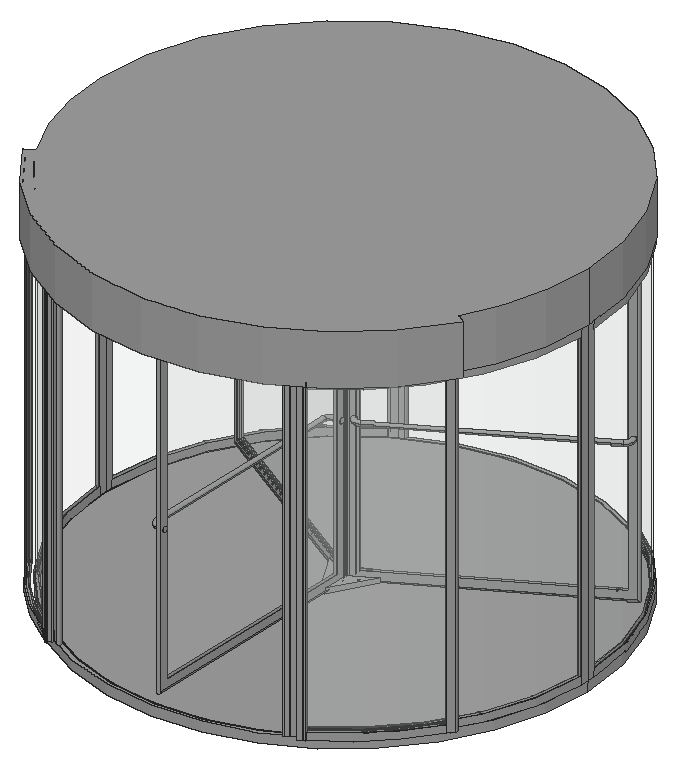
Revit family "agtatec_Record_RlvngDrsetSym_K31_Standalone", category Doors, Revit 2012
Parameters (values of type "default")
  WithinStandardSizes = and(InsideDiameter > 1999.90 mm, InsideDiameter < 4000.10 mm, PassageHeight > 1999.90 mm, PassageHeight < 3000.10 mm, and(HeightOfFloorFrame > 64.90 mm, HeightOfFloorFrame < 500.10 mm), CanopyHeight < 1000.10 mm, if(InsideDiameter < 3300.90 mm, CanopyHeight > 249.90 mm, CanopyHeight > 349.90 mm))  # yes
  Width = OutsideDiameter + 25.00 mm  # 3379.00 mm
  Weight = "Depends on configuration and size"
  WarrantyStartDate [instance] = "Depends on country"
  WarrantyGuarantorParts = "Local door manufacturer"
  WarrantyGuarantorLabour = "Local door manufacturer"
  WarrantyDurationUnit = "Depends on country"
  WarrantyDurationParts = "Depends on country"
  WarrantyDurationLabour = "Depends on country"
  WarrantyDescription = "Depends on country"
  Version = "Version 1.0"
  Uniclass2 = "Ss_25_30_20_70"
  URL = ""
  TotalHeight = PassageHeight + CanopyHeight  # 2550.00 mm
  TotalDiameter = 3360.00 mm
  ThresholdStripping = "No additional required, part of the doorset"
  ThresholdRequired = yes
  ThermalTransmittance = 0
  TagNumber [instance] = "n/a"
  SustainabilityPerformance = "n/a"
  SmokeStop = no
  Size = "n/a"
  Shape = "Cylinder shaped"
  ServiceLifeType = "n/a"
  ServiceLifeDuration = "10-15 years"
  SerialNumber [instance] = "n/a"
  SelfClosing = yes
  SecurityRating = "n/a"
  SafetyDevices = "Fully compliant with EN16005, Safety buffers, Presence sensors, etc."
  Rough Width = TotalDiameter + 6.00 mm  # 3366.00 mm
  Rough Height = PassageHeight + CanopyHeight + 6.00 mm  # 2556.00 mm
  Revision = "n/a"
  ReplacementCost = "Depends on the configuration and door type"
  ReferenceStandard = "EN16005, EN16361, DIN 18650, etc."
  Reference = "n/a"
  RecessWidth = TotalDiameter + 100.00 mm  # 3460.00 mm
  RecessHeight = TotalHeight + 50.00 mm  # 2600.00 mm
  ProductionYear = "n/a"
  ProductInformation = "www.agta-record.com"
  Process = "n/a"
  PassageWidthOptions = "n/a"
  PassageWidth = (TotalDiameter * 0.5) - 130.00 mm  # 1550.00 mm
  PassageHeight = 2200.00 mm
  PanelWidth = InnerRadius - 54.80 mm  # 1596.20 mm
  PanelHeight = PassageHeight - 37.00 mm  # 2163.00 mm
  PanelFrames = agtatec_Record_Revolving Door, Aluminium
  OutsideDiameter = TotalDiameter - 6.00 mm  # 3354.00 mm
  OuterRadius = InnerRadius + 26.00 mm  # 1677.00 mm
  Operation = "n/a"
  OperatingTemperature = "-15º to +50ºC"
  NominalWidth = TotalDiameter  # 3360.00 mm
  NominalLength = TotalDiameter  # 3360.00 mm
  NominalHeight = TotalHeight  # 2550.00 mm
  NightShuttersRadius = OuterRadius + 51.50 mm  # 1728.50 mm
  NightShuttersOpeningAngle = if(NightShuttersOpen, 30.00°, 0.00°)  # 30.00°
  NightShuttersOpen = yes
  NightShutterPanelFill = agtatec_Record_Revolving Door, Laminated Safety Glass (Clear)
  Name = "RlvngDrsetSym_K31_Standalone_Record"
  NBSTypeID = "n/a"
  NBSReference = "25-50-20/170"
  NBSOfficeMasterTag = "n/a"
  NBSNote = "n/a"
  NBSDescription = "Revolving Doorset System"
  NBSCertification = "n/a"
  ModelReference = "Depends on the configuration"
  ModelNumber = "n/a"
  ModelLabel = "n/a"
  Model = "K31"
  MethodOfMeasurement = "n/a"
  Material = "Aluminium"
  ManufacturerURL = "www.agta-record.com"
  ManufacturerName = "Record"
  Manufacturer = "info@recorduk.co.uk"
  LeafRotationAngle = 0.00°
  LeafPanelFill = agtatec_Record_Revolving Door, Laminated Safety Glass (Clear)
  LeafColourOptions = "All RAL, customer specific"
  IssueDate = "<>"
  IsExternal = yes
  InstallationDate [instance] = "n/a"
  InsideDiameter = TotalDiameter - 58.00 mm  # 3302.00 mm
  InnerRadius = InsideDiameter / 2  # 1651.00 mm
  Infiltration = "n/a"
  IfcExportType = "Door"
  IfcExportAs = "IfcDoorStyle"
  HeightUnderCanopyOptions = "Passage height: 2000 - 3000 mm"
  HeightOfFloorFrame = 65.00 mm
  Height = PassageHeight + CanopyHeight  # 2550.00 mm
  HasDrive = yes
  Handles = yes
  HandicapAccessible = no
  Grade = "n/a"
  GlazingAreaFraction = "n/a"
  GlassType = "Part of glazing spec"
  GlassThickness2 = 0.00 mm
  GlassThickness1 = 0.00 mm
  GlassLayers = 0
  Function = Exterior
  FrameSeal = yes
  FrameProfile = "Aluminium"
  FrameMaterial = "Aluminium"
  FrameFinishOptions = "n/a"
  Flooring = agtatec_Record_Revolving Door, Felt Carpet
  Floor Frame (Ring) = yes
  FireRating = "n/a"
  FireExit = no
  Finish = "Powder coated, Anodized, customer specific"
  Features = "n/a"
  ExternalDimensionOfFloorFrame = TotalDiameter + 194.00 mm  # 3554.00 mm
  ExpectedLife = "n/a"
  ElectronicLock = yes
  DurationUnit = "year"
  DrumWallPanelFill = agtatec_Record_Revolving Door, Laminated Safety Glass (Clear)
  DoorsetOptions = "<>"
  DoorsetOperation = "Automatic"
  DoorsetFasteners = "Screws"
  DoorWingOptions = "3 wings"
  DoorSeal = "1"
  DoorNumber = "n/a"
  DoorLeafsAngle = if(DoorLeafCollapse, 1.00°, 121.00°)  # 121.00°
  DoorLeafCollapse = no
  DoorIncluded = yes
  Documentation = "n/a"
  DocumentReference = "n/a"
  DiameterOptions = "Internal 2000-4000 mm"
  Description = "3-wing Revolving Door"
  DepthOfRecessFloorFrame = HeightOfFloorFrame + 15.00 mm  # 80.00 mm
  Cost = 0
  Construction Type = "Automatic Revolving Door"
  Constituents = "n/a"
  Configuration = "2, 3 or 4 leafs"
  Colour = "Customer specific"
  CodePerformance = "n/a"
  Category = "n/a"
  Capacity = "<>"
  CanopyRadius = OuterRadius + 3.00 mm  # 1680.00 mm
  CanopyHeightOptions = "250 mm +"
  CanopyHeight = 350.00 mm
  CanopyCovering = agtatec_Record_Revolving Door, Sheet metal (Painted Steel)
  BottomConstruction = agtatec_Record_Revolving Door, Stainless Steel
  BarCode [instance] = "n/a"
  BIMObjectName = "agtatec_Record_RevolvingDoorsetSystem_K31_Standalone"
  Author = "agtatec"
  AssetType = "n/a"
  AssetIdentifier [instance] = "n/a"
  Assembly Code = ""
  AntiFingerTrapRequirement = yes
  AlternativeDoorsetGlazing = "Part of glazing spec"
  AcousticRating = "n/a"
  AccessoryOptions = "Contact manufacturer"
  AccessibilityPerformance = "n/a"
Reference planes
  plane 1 "Center (Front/Back)": y = 0
  plane 2: z = 0
  plane 3 "Center (Left/Right)": x = 0
  plane 4 "Top Plane": z = 2200
  plane 5: z = 2550
  plane 6: z = 56
  plane 7: z = 2147
  plane 8: z = -65
  plane 9: z = 2239
  plane 10: z = 2196.2
  plane 11: through (0, 0, 1200) normal (0.5, -0.866, 0)
  plane 12: through (0, 0, 1200) normal (0.5, 0.866, 0)
Forms (mm)
  Extrusion 1, solid, material "agtatec_Record_Revolving Door, Aluminium" <- "PanelFrames"
    sketch origin (0, 0, 0) x (-1, 0, 0) y (0, -1, 0)
      loop
        line (1651, 0) -> (1677, 0) -> (1677, 53) -> (1674, 53) -> (1674, 33) -> (1654, 33) -> (1654, 53) -> (1651, 53) -> (1651, 0)
    from 0 to 2200
  Extrusion 2, solid, material "agtatec_Record_Revolving Door, Aluminium" <- "PanelFrames"
    sketch origin (0, 0, 0) x (-0.5, -0.866025, 0) y (0.866025, -0.5, 0)
      loop
        line (1654, 0) -> (1674, 0) -> (1674, -20) -> (1676.999, -20) -> (1676.999, 32)
        arc (1676.999, 32) -> (1664, 45) -> (1651, 32) r 13
        line (1651, 32) -> (1651, -20) -> (1654, -20) -> (1654, 0)
    from 0 to 2200
  Extrusion 3, solid, material "agtatec_Record_Revolving Door, Sheet metal (Painted Steel)" <- "CanopyCovering"
    sketch origin (0, 0, 0) x (1, 0, 0) y (0, 1, 0)
      loop
        circle (0, 0) r 1680
    from 2200 to 2550
  Sweep 4, solid, material "agtatec_Record_Revolving Door, Aluminium" <- "PanelFrames"
    path origin (0, 0, 2200) x (-1, 0, 0) y (0, -1, 0)
      loop
        arc (1676.162, 53) -> (1444.002, 852.752) -> (855.761, 1442.221) r 1677
    profile origin (-1444.002, -852.752, 2200) x (0.861063, 0.508499, 0) y (0, 0, 1)
      loop
        line (0, 0) -> (0, -50) -> (3, -50) -> (3, -30) -> (23, -30) -> (23, -50) -> (26, -50) -> (26, 0) -> (0, 0)
  Sweep 5, solid, material "agtatec_Record_Revolving Door, Aluminium" <- "PanelFrames"
    path origin (0, 0, 0) x (1, 0, 0) y (0, 1, 0)
      loop
        arc (-855.761, -1442.221) -> (-1444.002, -852.752) -> (-1676.162, -53) r 1677
    profile origin (-1444.002, -852.752, 0) x (-0.861063, -0.508499, 0) y (0, 0, 1)
      loop
        line (0, 0) -> (0, 53) -> (-3, 53) -> (-3, 33) -> (-23, 33) -> (-23, 53) -> (-26, 53) -> (-26, 0) -> (0, 0)
  Revolve 6, solid, material "agtatec_Record_Revolving Door, Stainless Steel" <- "BottomConstruction", visible <- "Floor Frame (Ring)"
    sketch origin (0, 0, 0) x (1, 0, 0) y (0, 0, 1)
      loop
        line (-1651, 0) -> (-1677, 0) -> (-1677, -65) -> (0, -65) -> (0, -23) -> (-1651, -23) -> (-1651, 0)
      axis (0, 0) -> (0, -65)
    angle from 0 to 360
  Extrusion 7, solid, material "agtatec_Record_Revolving Door, Felt Carpet" <- "Flooring"
    sketch origin (0, 0, 0) x (1, 0, 0) y (0, 1, 0)
      loop
        circle (0, 0) r 1651
    from 0 to -23
  Sweep 8, solid, material "agtatec_Record_Revolving Door, Laminated Safety Glass (Clear)" <- "DrumWallPanelFill"
    path origin (0, 0, 0) x (1, 0, 0) y (0, 1, 0)
      loop
        arc (-1650.67, -33) -> (-1421.486, -839.749) -> (-825.5, -1429.808) r 1651
    profile origin (-1421.486, -839.749, 0) x (0.860985, 0.50863, 0) y (0, 0, 1)
      loop
        line (-5, 33) -> (-5, 2170) -> (-15, 2170) -> (-15, 33) -> (-5, 33)
  Sweep 9, solid, material "agtatec_Record_Revolving Door, Sheet metal (Painted Steel)" <- "CanopyCovering"
    path origin (0, 0, 2550) x (1, 0, 0) y (0, 1, 0)
      loop
        arc (1452.325, -838.5) -> (0, -1677) -> (-1452.325, -838.5) r 1677
    profile origin (0, -1677, 2550) x (0, -1, 0) y (0, 0, 1)
      loop
        line (0, 0) -> (0, -15) -> (63, -15) -> (63, -350) -> (75, -350) -> (75, 0) -> (0, 0)
  Extrusion 10, solid, material "agtatec_Record_Revolving Door, Aluminium" <- "PanelFrames"
    sketch origin (0, 0, 0) x (-1, 0, 0) y (0, -1, 0)
      loop
        line (1651, 0) -> (1651, -53) -> (1654, -53) -> (1654, -33) -> (1674, -33) -> (1674, -53) -> (1677, -53) -> (1677, 0) -> (1651, 0)
    from 0 to 2200
  Extrusion 11, solid, material "agtatec_Record_Revolving Door, Aluminium" <- "PanelFrames"
    sketch origin (0, 0, 0) x (-0.5, 0.866025, 0) y (-0.866025, -0.5, 0)
      loop
        line (1654, 0) -> (1654, 20) -> (1651, 20) -> (1651, -43) -> (1650, -43) -> (1650, -73.002)
        arc (1650, -73.002) -> (1664, -87.001) -> (1677.999, -73.002) r 14
        line (1677.999, -73.002) -> (1677.999, -43) -> (1676.999, -43) -> (1676.999, 20) -> (1674, 20) -> (1674, 0) -> (1654, 0)
    from 0 to 2200
  Sweep 12, solid, material "agtatec_Record_Revolving Door, Aluminium" <- "PanelFrames"
    path origin (0, 0, 2200) x (-1, 0, 0) y (0, 1, 0)
      loop
        arc (1676.162, 53) -> (1444.002, 852.752) -> (855.761, 1442.221) r 1677
    profile origin (-1444.002, 852.752, 2200) x (-0.861063, 0.508499, 0) y (0, 0, 1)
      loop
        line (0, 0) -> (-26, 0) -> (-26, -50) -> (-23, -50) -> (-23, -30) -> (-3, -30) -> (-3, -50) -> (0, -50) -> (0, 0)
  Sweep 13, solid, material "agtatec_Record_Revolving Door, Aluminium" <- "PanelFrames"
    path origin (0, 0, 0) x (1, 0, 0) y (0, -1, 0)
      loop
        arc (-855.761, -1442.221) -> (-1444.002, -852.752) -> (-1676.162, -53) r 1677
    profile origin (-1444.002, 852.752, 0) x (0.861063, -0.508499, 0) y (0, 0, 1)
      loop
        line (0, 0) -> (26, 0) -> (26, 53) -> (23, 53) -> (23, 33) -> (3, 33) -> (3, 53) -> (0, 53) -> (0, 0)
  Sweep 14, solid, material "agtatec_Record_Revolving Door, Laminated Safety Glass (Clear)" <- "DrumWallPanelFill"
    path origin (0, 0, 0) x (-0.5, -0.866025, 0) y (0.866025, -0.5, 0)
      loop
        arc (-825.5, -1429.808) -> (-16.501, -1650.918) -> (796.756, -1446.022) r 1651
    profile origin (-1421.486, 839.749, 0) x (0.860985, -0.50863, 0) y (0, 0, 1)
      loop
        line (-5, 33) -> (-5, 2170) -> (-15, 2170) -> (-15, 33) -> (-5, 33)
  Extrusion 15, solid, material "agtatec_Record_Revolving Door, Aluminium" <- "PanelFrames"
    sketch origin (0, 0, 0) x (1, 0, 0) y (0, 1, 0)
      loop
        line (1651, 0) -> (1651, -53) -> (1654, -53) -> (1654, -33) -> (1674, -33) -> (1674, -53) -> (1677, -53) -> (1677, 0) -> (1651, 0)
    from 0 to 2200
  Sweep 16, solid, material "agtatec_Record_Revolving Door, Aluminium" <- "PanelFrames"
    path origin (0, 0, 2200) x (1, 0, 0) y (0, -1, 0)
      loop
        arc (1676.162, 53) -> (1444.002, 852.752) -> (855.761, 1442.221) r 1677
    profile origin (1444.002, -852.752, 2200) x (0.861063, -0.508499, 0) y (0, 0, 1)
      loop
        line (0, 0) -> (-26, 0) -> (-26, -50) -> (-23, -50) -> (-23, -30) -> (-3, -30) -> (-3, -50) -> (0, -50) -> (0, 0)
  Sweep 17, solid, material "agtatec_Record_Revolving Door, Aluminium" <- "PanelFrames"
    path origin (0, 0, 0) x (-1, 0, 0) y (0, 1, 0)
      loop
        arc (-855.761, -1442.221) -> (-1444.002, -852.752) -> (-1676.162, -53) r 1677
    profile origin (1444.002, -852.752, 0) x (-0.861063, 0.508499, 0) y (0, 0, 1)
      loop
        line (0, 0) -> (26, 0) -> (26, 53) -> (23, 53) -> (23, 33) -> (3, 33) -> (3, 53) -> (0, 53) -> (0, 0)
  Extrusion 18, solid, material "agtatec_Record_Revolving Door, Aluminium" <- "PanelFrames"
    sketch origin (0, 0, 0) x (1, 0, 0) y (0, 1, 0)
      loop
        line (1651, 0) -> (1677, 0) -> (1677, 53) -> (1674, 53) -> (1674, 33) -> (1654, 33) -> (1654, 53) -> (1651, 53) -> (1651, 0)
    from 0 to 2200
  Sweep 19, solid, material "agtatec_Record_Revolving Door, Aluminium" <- "PanelFrames"
    path origin (0, 0, 2200) x (1, 0, 0) y (0, 1, 0)
      loop
        arc (1676.162, 53) -> (1444.002, 852.752) -> (855.761, 1442.221) r 1677
    profile origin (1444.002, 852.752, 2200) x (-0.861063, -0.508499, 0) y (0, 0, 1)
      loop
        line (0, 0) -> (0, -50) -> (3, -50) -> (3, -30) -> (23, -30) -> (23, -50) -> (26, -50) -> (26, 0) -> (0, 0)
  Sweep 20, solid, material "agtatec_Record_Revolving Door, Aluminium" <- "PanelFrames"
    path origin (0, 0, 0) x (-1, 0, 0) y (0, -1, 0)
      loop
        arc (-855.761, -1442.221) -> (-1444.002, -852.752) -> (-1676.162, -53) r 1677
    profile origin (1444.002, 852.752, 0) x (0.861063, 0.508499, 0) y (0, 0, 1)
      loop
        line (0, 0) -> (0, 53) -> (-3, 53) -> (-3, 33) -> (-23, 33) -> (-23, 53) -> (-26, 53) -> (-26, 0) -> (0, 0)
  Extrusion 21, solid, material "agtatec_Record_Revolving Door, Aluminium" <- "PanelFrames"
    sketch origin (0, 0, 0) x (0.5, 0.866025, 0) y (-0.866025, 0.5, 0)
      loop
        line (1654, 0) -> (1674, 0) -> (1674, -20) -> (1676.999, -20) -> (1676.999, 32)
        arc (1676.999, 32) -> (1664, 45) -> (1651, 32) r 13
        line (1651, 32) -> (1651, -20) -> (1654, -20) -> (1654, 0)
    from 0 to 2200
  Extrusion 22, solid, material "agtatec_Record_Revolving Door, Aluminium" <- "PanelFrames"
    sketch origin (0, 0, 0) x (0.5, -0.866025, 0) y (0.866025, 0.5, 0)
      loop
        line (1654, 0) -> (1654, 20) -> (1651, 20) -> (1651, -43) -> (1650, -43) -> (1650, -73.002)
        arc (1650, -73.002) -> (1664, -87.001) -> (1677.999, -73.002) r 14
        line (1677.999, -73.002) -> (1677.999, -43) -> (1676.999, -43) -> (1676.999, 20) -> (1674, 20) -> (1674, 0) -> (1654, 0)
    from 0 to 2200
  Sweep 23, solid, material "agtatec_Record_Revolving Door, Laminated Safety Glass (Clear)" <- "DrumWallPanelFill"
    path origin (0, 0, 0) x (1, 0, 0) y (0, 1, 0)
      loop
        arc (825.5, -1429.808) -> (1421.486, -839.749) -> (1650.67, -33) r 1651
    profile origin (1421.486, -839.749, 0) x (-0.860985, 0.50863, 0) y (0, 0, 1)
      loop
        line (-5, 33) -> (-5, 2170) -> (-15, 2170) -> (-15, 33) -> (-5, 33)
  Sweep 24, solid, material "agtatec_Record_Revolving Door, Laminated Safety Glass (Clear)" <- "DrumWallPanelFill"
    path origin (0, 0, 0) x (-0.5, -0.866025, 0) y (0.866025, -0.5, 0)
      loop
        arc (-853.914, 1413.022) -> (-1437.987, 811.169) -> (-1651, 0) r 1651
    profile origin (1421.486, 839.749, 0) x (-0.860985, -0.50863, 0) y (0, 0, 1)
      loop
        line (-5, 33) -> (-5, 2170) -> (-15, 2170) -> (-15, 33) -> (-5, 33)
Cuts and joins
  joined: Extrusion 3, Sweep 9
Lines and regions (mm)
  Masking region 1
    outline origin (0, 0, 0) x (-0.5, -0.866025, 0) y (0.866025, -0.5, 0)
      loop
        line (1676.881, -20) -> (1650.883, -19.69)
        arc (1650.883, -19.69) -> (1437.863, -811.389) -> (870.275, -1403.005) r 1651
        line (870.275, -1403.005) -> (883.98, -1425.099)
        arc (883.98, -1425.099) -> (1460.506, -824.167) -> (1676.881, -20) r 1677
  Masking region 2
    outline origin (0, 0, 0) x (-1, 0, 0) y (0, -1, 0)
      loop
        line (1677, 0) -> (1677, 53) -> (1651, 53) -> (1651, 0) -> (1677, 0)
  Masking region 3
    outline origin (0, 0, 0) x (1, 0, 0) y (0, 1, 0)
      loop
        line (-855.82, -1442.324) -> (-810.787, -1468.324)
        arc (-810.787, -1468.324) -> (-793.029, -1463.566) -> (-797.787, -1445.808) r 13
        line (-797.787, -1445.808) -> (-842.821, -1419.808) -> (-855.82, -1442.324)
  Masking region 4
    outline origin (0, 0, 0) x (1, 0, 0) y (0, 1, 0)
      loop
        arc (855.761, -1442.221) -> (1444.002, -852.752) -> (1676.162, -53) r 1677
        line (1676.162, -53) -> (1650.175, -52.178)
        arc (1650.175, -52.178) -> (1421.615, -839.531) -> (842.493, -1419.861) r 1651
        line (842.493, -1419.861) -> (855.761, -1442.221)
  Masking region 5
    outline origin (0, 0, 0) x (1, 0, 0) y (0, 1, 0)
      loop
        line (801.261, -1473.824) -> (855.82, -1442.324) -> (842.821, -1419.808) -> (788.261, -1451.308) -> (787.761, -1450.442) -> (761.779, -1465.443)
        arc (761.779, -1465.443) -> (756.654, -1484.567) -> (775.778, -1489.691) r 14
        line (775.778, -1489.691) -> (801.761, -1474.69) -> (801.261, -1473.824)
  Masking region 6
    outline origin (0, 0, 0) x (1, 0, 0) y (0, 1, 0)
      loop
        line (1651, 0) -> (1651, -53) -> (1677, -53) -> (1677, 0) -> (1651, 0)
  Masking region 7
    outline origin (0, 0, 0) x (1, 0, 0) y (0, 1, 0)
      loop
        arc (-855.761, 1442.221) -> (-1444.002, 852.752) -> (-1676.162, 53) r 1677
        line (-1676.162, 53) -> (-1650.175, 52.178)
        arc (-1650.175, 52.178) -> (-1421.615, 839.531) -> (-842.493, 1419.861) r 1651
        line (-842.493, 1419.861) -> (-855.761, 1442.221)
  Masking region 8
    outline origin (0, 0, 0) x (1, 0, 0) y (0, 1, 0)
      loop
        line (-1677, 0) -> (-1651, 0) -> (-1651, 53) -> (-1677, 53) -> (-1677, 0)
  Masking region 9
    outline origin (0, 0, 0) x (1, 0, 0) y (0, 1, 0)
      loop
        line (-801.261, 1473.824) -> (-855.82, 1442.324) -> (-842.821, 1419.808) -> (-788.261, 1451.308) -> (-787.761, 1450.442) -> (-761.779, 1465.443)
        arc (-761.779, 1465.443) -> (-756.654, 1484.567) -> (-775.778, 1489.691) r 14
        line (-775.778, 1489.691) -> (-801.761, 1474.69) -> (-801.261, 1473.824)
  Masking region 10
    outline origin (0, 0, 0) x (1, 0, 0) y (0, 1, 0)
      loop
        line (855.761, 1442.221) -> (842.493, 1419.861)
        arc (842.493, 1419.861) -> (1421.615, 839.531) -> (1650.175, 52.178) r 1651
        line (1650.175, 52.178) -> (1676.162, 53)
        arc (1676.162, 53) -> (1444.002, 852.752) -> (855.761, 1442.221) r 1677
  Masking region 11
    outline origin (0, 0, 0) x (1, 0, 0) y (0, 1, 0)
      loop
        line (1677, 0) -> (1677, 53) -> (1651, 53) -> (1651, 0) -> (1677, 0)
  Masking region 12
    outline origin (0, 0, 0) x (1, 0, 0) y (0, 1, 0)
      loop
        line (855.82, 1442.324) -> (810.787, 1468.324)
        arc (810.787, 1468.324) -> (793.029, 1463.566) -> (797.787, 1445.808) r 13
        line (797.787, 1445.808) -> (842.821, 1419.808) -> (855.82, 1442.324)
  reference lines
    curve 1: circle (0, 0, 0) r 1651 normal (0, 0, 1)
    curve 2: line (0, 0, 0) -> (1651, 0, 0)
    curve 3: line (0, 0, 0) -> (-1651, 0, 0)
    curve 4: line (0, 0, 0) -> (-825.5, -1429.808, 0)
    curve 5: line (-825.5, -1429.808, 0) -> (-864.817, -1407.918, 0)
    curve 6: line (0, 0, 0) -> (-825.5, 1429.808, 0)
    curve 7: line (0, 0, 0) -> (825.5, 1429.808, 0)
    curve 8: line (0, 0, 0) -> (825.5, -1429.808, 0)
    curve 9: line (0, 0, 0) -> (0, 1740, 0)
  symbolic lines, detail levels medium+fine
    curve 10: line (-1677, -53, 0) -> (-1651, -53, 0)
    curve 11: line (-842.821, -1419.808, 0) -> (-855.82, -1442.324, 0)
    curve 14: line (855.82, -1442.324, 0) -> (842.821, -1419.808, 0)
    curve 15: line (1651, -53, 0) -> (1677, -53, 0)
    curve 18: line (1677, 53, 0) -> (1651, 53, 0)
    curve 19: line (842.821, 1419.808, 0) -> (855.82, 1442.324, 0)
    curve 22: line (-1651, 53, 0) -> (-1677, 53, 0)
    curve 23: line (-855.82, 1442.324, 0) -> (-842.821, 1419.808, 0)
  symbolic lines, detail levels fine
    curve 12: arc (-1655.152, -53, 0) -> (-1425.815, -842.252, 0) -> (-845.26, -1424.033, 0) r 1656
    curve 13: arc (-1665.157, -53, 0) -> (-1434.476, -847.252, 0) -> (-850.26, -1432.694, 0) r 1666
    curve 16: arc (845.26, -1424.033, 0) -> (1425.815, -842.252, 0) -> (1655.152, -53, 0) r 1656
    curve 17: arc (850.26, -1432.694, 0) -> (1434.476, -847.252, 0) -> (1665.157, -53, 0) r 1666
    curve 20: arc (1655.152, 53, 0) -> (1425.815, 842.252, 0) -> (845.26, 1424.033, 0) r 1656
    curve 21: arc (1665.157, 53, 0) -> (1434.476, 847.252, 0) -> (850.26, 1432.694, 0) r 1666
    curve 24: arc (-845.26, 1424.033, 0) -> (-1425.815, 842.252, 0) -> (-1655.152, 53, 0) r 1656
    curve 25: arc (-850.26, 1432.694, 0) -> (-1434.476, 847.252, 0) -> (-1665.157, 53, 0) r 1666
Dimensions and locks
  "PassageHeight": plane 4 "Top Plane" to plane 2
  "CanopyHeight": plane 5 to plane 4 "Top Plane"
  locked: plane 4 "Top Plane" to plane 7 at 53
  locked: plane 6 to level at 56
  "OuterRadius": plane 3 "Center (Left/Right)" to Revolve 6 sketch curve
  "InnerRadius": Revolve 6 sketch curve to plane 3 "Center (Left/Right)"
  "HeightOfFloorFrame": level to plane 8
  plane 9 to plane 4 "Top Plane" to plane 10 = 39.00 mm locked, 3.80 mm locked
  Extrusion 1 sketch curve to Extrusion 1 sketch curve = 53.00 mm
  locked: Sweep 9 sketch curve to Sweep 9 sketch curve at 75
  Extrusion 10 sketch curve to Extrusion 10 sketch curve = 53.00 mm
  Extrusion 15 sketch curve to Extrusion 15 sketch curve = 53.00 mm
  Extrusion 18 sketch curve to Extrusion 18 sketch curve = 53.00 mm
  locked: Sweep 9 sketch curve to Sweep 9 sketch curve at 12
  locked: Sweep 9 sketch curve to Sweep 9 sketch curve at 15
  "CanopyRadius": radius of Extrusion 3 sketch curve
  "OuterRadius": radius of Sweep 4 sketch curve
  "OuterRadius": radius of Sweep 5 sketch curve
  "InnerRadius": radius of Extrusion 7 sketch curve
  "OuterRadius": radius of Sweep 12 sketch curve
  "OuterRadius": radius of Sweep 13 sketch curve
  "InnerRadius": radius of curve 1
  "OuterRadius": radius of Sweep 16 sketch curve
  "OuterRadius": radius of Sweep 17 sketch curve
  "OuterRadius": radius of Sweep 19 sketch curve
  "OuterRadius": radius of Sweep 20 sketch curve
  angle plane 11 to plane 3 "Center (Left/Right)" = 60.00°
  angle plane 3 "Center (Left/Right)" to plane 12 = 60.00°
  equal spacing: plane 11, plane 3 "Center (Left/Right)", plane 12
  angle plane 1 "Center (Front/Back)" to curve 4 = 60.00°
  angle curve 6 to plane 1 "Center (Front/Back)" = 60.00°
  angle plane 1 "Center (Front/Back)" to curve 7 = 60.00°
  angle curve 8 to plane 1 "Center (Front/Back)" = 60.00°
  "NightShuttersOpeningAngle": angle nested 1 to curve 9
  "NightShuttersOpeningAngle": angle curve 9 to nested 2
  "LeafRotationAngle": angle plane 3 "Center (Left/Right)" to nested 3
  aligned and locked: level to plane 2
  aligned and locked: plane 4 "Top Plane" to Extrusion 2
  aligned and locked: plane 4 "Top Plane" to Extrusion 1
  aligned and locked: plane 5 to Extrusion 3
  aligned and locked: Extrusion 3 to plane 4 "Top Plane"
  aligned and locked: Extrusion 1 to Sweep 4 sketch curve
  aligned and locked: Revolve 6 sketch curve to plane 3 "Center (Left/Right)"
  aligned and locked: Revolve 6 to plane 8
  aligned and locked: Sweep 8 sketch curve to Extrusion 7
  aligned and locked: curve 4 to Sweep 8 sketch curve
  aligned and locked: plane 11 to Sweep 9 sketch curve
  aligned and locked: plane 12 to Sweep 9 sketch curve
  aligned and locked: Sweep 9 sketch curve to Revolve 6
  aligned and locked: Extrusion 1 to Sweep 8 sketch curve
  aligned and locked: Extrusion 1 to Sweep 5 sketch curve
  aligned and locked: Extrusion 2 to Sweep 5 sketch curve
  aligned and locked: Extrusion 2 to Sweep 4 sketch curve
  aligned and locked: Sweep 8 sketch curve to Sweep 4
  aligned and locked: Sweep 8 sketch curve to Sweep 5
  aligned and locked: Sweep 12 sketch curve to Extrusion 10
  aligned and locked: Sweep 13 sketch curve to Extrusion 10
  aligned and locked: Sweep 13 sketch curve to Extrusion 11
  aligned and locked: Sweep 12 sketch curve to Extrusion 11
  aligned and locked: Sweep 13 to Sweep 14 sketch curve
  aligned and locked: Sweep 12 to Sweep 14 sketch curve
  aligned and locked: Sweep 14 sketch curve to Extrusion 10
  aligned and locked: Extrusion 11 to Sweep 14 sketch curve
  aligned and locked: Sweep 14 sketch curve to Extrusion 7
  aligned and locked: Sweep 16 sketch curve to Extrusion 15
  aligned and locked: Sweep 17 sketch curve to Extrusion 15
  aligned and locked: Extrusion 18 to Sweep 19 sketch curve
  aligned and locked: Extrusion 18 to Sweep 20 sketch curve
  aligned and locked: Sweep 23 sketch curve to Extrusion 7
  aligned and locked: Extrusion 22 to Sweep 23 sketch curve
  aligned and locked: Sweep 23 sketch curve to Extrusion 15
  aligned and locked: Sweep 16 to Sweep 23 sketch curve
  aligned and locked: Sweep 17 to Sweep 23 sketch curve
  aligned and locked: Sweep 24 sketch curve to Extrusion 7
  aligned and locked: Extrusion 18 to Sweep 24 sketch curve
  aligned and locked: Sweep 24 sketch curve to Extrusion 21
  aligned and locked: Sweep 24 sketch curve to Sweep 19
  aligned and locked: Sweep 24 sketch curve to Sweep 20
  aligned and locked: Extrusion 21 to Sweep 20 sketch curve
  aligned and locked: Extrusion 22 to Sweep 17 sketch curve
  aligned and locked: Extrusion 22 to Sweep 16 sketch curve
  aligned and locked: Extrusion 21 to Sweep 19 sketch curve
  aligned and locked: Sweep 9 sketch curve to profile plane
  aligned and locked: profile plane to Sweep 9 sketch curve
  aligned and locked: Extrusion 3 to Sweep 9 sketch curve
  aligned and locked: plane 4 "Top Plane" to Extrusion 22
  aligned and locked: plane 4 "Top Plane" to Extrusion 11
  aligned and locked: plane 4 "Top Plane" to Extrusion 21
  aligned and locked: plane 4 "Top Plane" to Extrusion 10
  aligned and locked: plane 4 "Top Plane" to Extrusion 18
  aligned and locked: plane 4 "Top Plane" to Extrusion 15
  aligned and locked: Masking region 2 sketch curve to Extrusion 1
  aligned and locked: Extrusion 1 to Masking region 2 sketch curve
  aligned and locked: Sweep 5 to Masking region 1 sketch curve
  aligned and locked: curve 10 to Masking region 2
  aligned and locked: Extrusion 1 to curve 10
  aligned and locked: curve 10 to Extrusion 1  (x2)
  aligned and locked: Masking region 3 sketch curve to Extrusion 2  (x4)
  aligned and locked: Extrusion 2 to Masking region 3 sketch curve
  aligned and locked: Extrusion 2 to curve 11
  aligned and locked: curve 11 to Extrusion 2  (x2)
  aligned and locked: curve 12 to Sweep 8
  aligned and locked: curve 13 to Sweep 8
  aligned and locked: Masking region 4 sketch curve to Sweep 17  (x4)
  aligned and locked: Masking region 5 sketch curve to Extrusion 22  (x7)
  aligned and locked: Masking region 6 sketch curve to Extrusion 15  (x3)
  aligned and locked: Masking region 6 sketch curve to Extrusion 18
  aligned and locked: Masking region 7 sketch curve to Sweep 13  (x4)
  aligned and locked: Masking region 8 sketch curve to Extrusion 10  (x4)
  aligned and locked: Masking region 9 sketch curve to Extrusion 11  (x7)
  aligned and locked: curve 13 to Extrusion 2
  aligned and locked: curve 12 to Extrusion 2
  aligned and locked: Masking region 10 sketch curve to Sweep 20  (x4)
  aligned and locked: Masking region 11 sketch curve to Extrusion 18  (x4)
  aligned and locked: Masking region 12 sketch curve to Extrusion 21  (x2)
  aligned and locked: curve 14 to Masking region 5
  aligned and locked: curve 14 to Extrusion 22  (x2)
  aligned and locked: Extrusion 22 to curve 14
  aligned and locked: Masking region 6 to curve 15
  aligned and locked: curve 15 to Extrusion 15  (x2)
  aligned and locked: Extrusion 15 to curve 15
  aligned and locked: curve 16 to Sweep 23
  aligned and locked: curve 17 to Sweep 23
  aligned and locked: curve 15 to curve 17
  aligned and locked: curve 15 to curve 16
  aligned and locked: curve 18 to Extrusion 18  (x2)
  aligned and locked: curve 19 to Extrusion 21  (x3)
  aligned and locked: Extrusion 21 to curve 19
  aligned and locked: curve 20 to Sweep 24
  aligned and locked: curve 21 to Sweep 24
  aligned and locked: Masking region 11 to Extrusion 18
  aligned and locked: curve 18 to curve 20
  aligned and locked: curve 18 to curve 21
  aligned and locked: curve 22 to Extrusion 10  (x2)
  aligned and locked: Extrusion 10 to curve 22
  aligned and locked: curve 23 to Extrusion 11  (x2)
  aligned and locked: Extrusion 11 to curve 23
  aligned and locked: Masking region 9 to Extrusion 11
  aligned and locked: curve 24 to Sweep 14
  aligned and locked: curve 25 to Sweep 14
  aligned and locked: curve 22 to curve 25
  aligned and locked: curve 22 to curve 24
  aligned and locked: curve 23 to curve 25
  aligned and locked: curve 23 to curve 24
  aligned and locked: Masking region 1 sketch curve to Sweep 5  (x3)
  aligned and locked: Extrusion 18 to curve 18
  aligned and locked: Masking region 2 to curve 12
  aligned and locked: Masking region 2 to curve 13
Automatic sketch dimensions
  plane 1 "Center (Front/Back)" to curve 3 = 0.00 mm
  curve 2 to plane 3 "Center (Left/Right)" = 0.00 mm
  plane 1 "Center (Front/Back)" to curve 1 = 0.00 mm
  curve 1 to plane 3 "Center (Left/Right)" = 0.00 mm
  Extrusion 1 sketch curve to curve 3 = 0.00 mm  (x2)
  curve 3 to Extrusion 1 sketch curve = 53.00 mm
  curve 3 to Extrusion 1 sketch curve = 3.00 mm
  Extrusion 1 sketch curve to Extrusion 1 sketch curve = 20.00 mm  (x2)
  curve 3 to Extrusion 1 sketch curve = 26.00 mm
  Extrusion 2 sketch curve to curve 4 = 0.00 mm  (x2)
  Extrusion 2 sketch curve to curve 4 = 20.00 mm
  curve 4 to Extrusion 2 sketch curve = 32.00 mm  (x2)
  curve 4 to Extrusion 2 sketch curve = 3.00 mm
  curve 4 to Extrusion 2 sketch curve = 13.00 mm
  Extrusion 2 sketch curve to Extrusion 2 sketch curve = 20.00 mm
  curve 4 to Extrusion 2 sketch curve = 20.00 mm
  plane 1 "Center (Front/Back)" to Extrusion 3 sketch curve = 0.00 mm
  Extrusion 3 sketch curve to plane 3 "Center (Left/Right)" = 0.00 mm
  plane 1 "Center (Front/Back)" to Sweep 4 sketch curve = 0.00 mm
  Sweep 4 sketch curve to plane 3 "Center (Left/Right)" = 0.00 mm
  Sweep 4 sketch curve to plane 4 "Top Plane" = 0.00 mm
  Sweep 4 sketch curve to profile plane = 0.00 mm
  Sweep 4 sketch curve to profile plane = 3.00 mm
  Sweep 4 sketch curve to Sweep 4 sketch curve = 20.00 mm  (x3)
  Sweep 4 sketch curve to Sweep 4 sketch curve = 3.00 mm
  Sweep 4 sketch curve to plane 4 "Top Plane" = 30.00 mm
  plane 1 "Center (Front/Back)" to Sweep 5 sketch curve = 0.00 mm
  Sweep 5 sketch curve to plane 3 "Center (Left/Right)" = 0.00 mm
  level to Sweep 5 sketch curve = 0.00 mm
  Sweep 5 sketch curve to profile plane = 0.00 mm
  profile plane to Sweep 5 sketch curve = 3.00 mm
  Sweep 5 sketch curve to Sweep 5 sketch curve = 20.00 mm  (x3)
  Sweep 5 sketch curve to Sweep 5 sketch curve = 3.00 mm
  level to Sweep 5 sketch curve = 33.00 mm
  Revolve 6 sketch curve to plane 3 "Center (Left/Right)" = 0.00 mm
  Revolve 6 sketch curve to plane 8 = 0.00 mm
  Revolve 6 sketch curve to level = 0.00 mm
  Revolve 6 sketch curve to plane 8 = 175.00 mm
  Revolve 6 sketch curve to Revolve 6 sketch curve = 23.00 mm
  Revolve 6 sketch curve to Revolve 6 sketch curve = 3.00 mm
  plane 1 "Center (Front/Back)" to Extrusion 7 sketch curve = 0.00 mm
  Extrusion 7 sketch curve to plane 3 "Center (Left/Right)" = 0.00 mm
  curve 9 to curve 4 = 0.00 mm  (x2)
  curve 5 to curve 4 = 0.00 mm  (x2)
  curve 9 to curve 4 = 1506.884 mm
  curve 4 to curve 5 = 0.701 mm
  curve 5 to curve 4 = 44.995 mm
  curve 4 to curve 9 = 870.00 mm
  profile plane to Sweep 8 sketch curve = 15.00 mm
  profile plane to Sweep 8 sketch curve = 5.00 mm
  Extrusion 10 sketch curve to curve 3 = 0.00 mm  (x2)
  Extrusion 10 sketch curve to curve 3 = 53.00 mm
  curve 3 to Extrusion 10 sketch curve = 3.00 mm
  Extrusion 10 sketch curve to Extrusion 10 sketch curve = 20.00 mm
  curve 3 to Extrusion 10 sketch curve = 26.00 mm
  Extrusion 10 sketch curve to curve 3 = 33.00 mm
  Extrusion 11 sketch curve to curve 6 = 0.00 mm  (x2)
  Extrusion 11 sketch curve to curve 6 = 43.00 mm  (x2)
  curve 6 to Extrusion 11 sketch curve = 20.00 mm
  Extrusion 11 sketch curve to curve 6 = 1.00 mm
  curve 6 to Extrusion 11 sketch curve = 3.00 mm
  curve 6 to Extrusion 11 sketch curve = 13.00 mm
  Extrusion 11 sketch curve to Extrusion 11 sketch curve = 20.00 mm  (x2)
  Extrusion 11 sketch curve to Extrusion 11 sketch curve = 3.00 mm
  Extrusion 11 sketch curve to curve 6 = 73.002 mm
  plane 1 "Center (Front/Back)" to Sweep 12 sketch curve = 0.00 mm
  Sweep 12 sketch curve to plane 3 "Center (Left/Right)" = 0.00 mm
  plane 4 "Top Plane" to Sweep 12 sketch curve = 0.00 mm
  Sweep 12 sketch curve to profile plane = 0.00 mm
  Sweep 12 sketch curve to Sweep 12 sketch curve = 3.00 mm  (x2)
  Sweep 12 sketch curve to Sweep 12 sketch curve = 20.00 mm  (x3)
  Sweep 12 sketch curve to plane 4 "Top Plane" = 30.00 mm
  plane 1 "Center (Front/Back)" to Sweep 13 sketch curve = 0.00 mm
  Sweep 13 sketch curve to plane 3 "Center (Left/Right)" = 0.00 mm
  Sweep 13 sketch curve to level = 0.00 mm
  Sweep 13 sketch curve to profile plane = 0.00 mm
  Sweep 13 sketch curve to Sweep 13 sketch curve = 3.00 mm
  Sweep 13 sketch curve to Sweep 13 sketch curve = 20.00 mm  (x3)
  Sweep 13 sketch curve to Sweep 13 sketch curve = 26.00 mm
  level to Sweep 13 sketch curve = 33.00 mm
  profile plane to Sweep 14 sketch curve = 15.00 mm
  profile plane to Sweep 14 sketch curve = 5.00 mm
  curve 2 to Extrusion 15 sketch curve = 0.00 mm
  Extrusion 15 sketch curve to curve 2 = 0.00 mm
  Extrusion 15 sketch curve to curve 2 = 53.00 mm
  curve 2 to Extrusion 15 sketch curve = 3.00 mm
  Extrusion 15 sketch curve to Extrusion 15 sketch curve = 20.00 mm
  curve 2 to Extrusion 15 sketch curve = 26.00 mm
  Extrusion 15 sketch curve to curve 2 = 33.00 mm
  plane 1 "Center (Front/Back)" to Sweep 16 sketch curve = 0.00 mm
  Sweep 16 sketch curve to plane 3 "Center (Left/Right)" = 0.00 mm
  Sweep 16 sketch curve to plane 4 "Top Plane" = 0.00 mm
  Sweep 16 sketch curve to profile plane = 0.00 mm
  profile plane to Sweep 16 sketch curve = 3.00 mm
  Sweep 16 sketch curve to Sweep 16 sketch curve = 20.00 mm  (x3)
  Sweep 16 sketch curve to Sweep 16 sketch curve = 3.00 mm
  Sweep 16 sketch curve to plane 4 "Top Plane" = 30.00 mm
  plane 1 "Center (Front/Back)" to Sweep 17 sketch curve = 0.00 mm
  Sweep 17 sketch curve to plane 3 "Center (Left/Right)" = 0.00 mm
  level to Sweep 17 sketch curve = 0.00 mm
  Sweep 17 sketch curve to profile plane = 0.00 mm
  Sweep 17 sketch curve to Sweep 17 sketch curve = 3.00 mm
  Sweep 17 sketch curve to Sweep 17 sketch curve = 20.00 mm  (x3)
  Sweep 17 sketch curve to Sweep 17 sketch curve = 26.00 mm
  level to Sweep 17 sketch curve = 33.00 mm
  curve 2 to Extrusion 18 sketch curve = 0.00 mm
  Extrusion 18 sketch curve to curve 2 = 0.00 mm
  curve 2 to Extrusion 18 sketch curve = 53.00 mm
  curve 2 to Extrusion 18 sketch curve = 3.00 mm
  Extrusion 18 sketch curve to Extrusion 18 sketch curve = 20.00 mm  (x2)
  curve 2 to Extrusion 18 sketch curve = 26.00 mm
  plane 1 "Center (Front/Back)" to Sweep 19 sketch curve = 0.00 mm
  Sweep 19 sketch curve to plane 3 "Center (Left/Right)" = 0.00 mm
  plane 4 "Top Plane" to Sweep 19 sketch curve = 0.00 mm
  Sweep 19 sketch curve to profile plane = 0.00 mm
  Sweep 19 sketch curve to profile plane = 3.00 mm
  Sweep 19 sketch curve to Sweep 19 sketch curve = 20.00 mm  (x3)
  Sweep 19 sketch curve to Sweep 19 sketch curve = 3.00 mm
  Sweep 19 sketch curve to plane 4 "Top Plane" = 30.00 mm
  plane 1 "Center (Front/Back)" to Sweep 20 sketch curve = 0.00 mm
  Sweep 20 sketch curve to plane 3 "Center (Left/Right)" = 0.00 mm
  Sweep 20 sketch curve to level = 0.00 mm
  Sweep 20 sketch curve to profile plane = 0.00 mm
  profile plane to Sweep 20 sketch curve = 3.00 mm
  Sweep 20 sketch curve to Sweep 20 sketch curve = 20.00 mm  (x3)
  Sweep 20 sketch curve to Sweep 20 sketch curve = 3.00 mm
  level to Sweep 20 sketch curve = 33.00 mm
  curve 7 to Extrusion 21 sketch curve = 0.00 mm  (x2)
  Extrusion 21 sketch curve to curve 7 = 20.00 mm
  curve 7 to Extrusion 21 sketch curve = 32.00 mm
  Extrusion 21 sketch curve to Extrusion 21 sketch curve = 3.00 mm
  Extrusion 21 sketch curve to Extrusion 21 sketch curve = 13.00 mm
  Extrusion 21 sketch curve to Extrusion 21 sketch curve = 20.00 mm  (x2)
  curve 8 to Extrusion 22 sketch curve = 0.00 mm  (x2)
  Extrusion 22 sketch curve to curve 8 = 43.00 mm
  curve 8 to Extrusion 22 sketch curve = 20.00 mm
  Extrusion 22 sketch curve to curve 8 = 1.00 mm
  curve 8 to Extrusion 22 sketch curve = 3.00 mm
  curve 8 to Extrusion 22 sketch curve = 13.00 mm
  Extrusion 22 sketch curve to Extrusion 22 sketch curve = 20.00 mm
  Extrusion 22 sketch curve to Extrusion 22 sketch curve = 3.00 mm
  Extrusion 22 sketch curve to Extrusion 22 sketch curve = 0.00 mm
  Extrusion 22 sketch curve to curve 8 = 73.002 mm
  Extrusion 22 sketch curve to curve 8 = 20.00 mm
  profile plane to Sweep 23 sketch curve = 15.00 mm
  profile plane to Sweep 23 sketch curve = 5.00 mm
  profile plane to Sweep 24 sketch curve = 15.00 mm
  profile plane to Sweep 24 sketch curve = 5.00 mm
  Masking region 2 sketch curve to curve 3 = 0.00 mm
  curve 3 to Masking region 2 sketch curve = 53.00 mm
  Masking region 3 sketch curve to Masking region 3 sketch curve = 6.50 mm
  Masking region 5 sketch curve to Masking region 5 sketch curve = 7.00 mm  (x2)
  Masking region 9 sketch curve to Masking region 9 sketch curve = 13.00 mm
  Masking region 9 sketch curve to Masking region 9 sketch curve = 7.00 mm  (x2)
  curve 22 to curve 3 = 0.00 mm
  curve 22 to curve 3 = 53.00 mm
  curve 3 to curve 22 = 26.00 mm
  Masking region 12 sketch curve to Masking region 12 sketch curve = 6.50 mm  (x2)
  curve 23 to curve 6 = 0.00 mm
  curve 6 to curve 23 = 20.00 mm
  curve 6 to curve 23 = 25.999 mm
  curve 18 to curve 2 = 0.00 mm
  curve 2 to curve 18 = 53.00 mm
  curve 2 to curve 18 = 26.00 mm
Nested families
  nested 1: "Night Shutter Left" at (0, 0, 0) x (0.866, -0.5, 0) z (0, 0, 1), type "Night Shutter Left"
    with Width 3379.00 mm, Rough Width 3366.00 mm, Rough Height 2550.00 mm, Passage Width 1550.00 mm, Outer Radius 1677.00 mm, Night Shutters Radius 1728.50 mm, Inner Radius 1651.00 mm, Height 2575.00 mm, Canopy Radius 1680.00 mm, Canopy Height 350.00 mm
  nested 2: "Night Shutter Right" at (0, 0, 0) x (-0.866, -0.5, 0) z (0, 0, 1), type "Night Shutter Right"
    with Width 3379.00 mm, Rough Width 3366.00 mm, Rough Height 2550.00 mm, Passage Width 1550.00 mm, Outer Radius 1677.00 mm, Night Shutters Radius 1728.50 mm, Inner Radius 1651.00 mm, Height 2575.00 mm, Canopy Radius 1680.00 mm, Canopy Height 350.00 mm
  nested 3: "Revolving panels" at (0, 0, 0) x (-1, 0, 0) z (0, 0, 1), type "Revolving panels"
    with Panel Width 1596.20 mm
Definition of nested family "Night Shutter Left"
  Parameters (values of type "Night Shutter Left")
    Width = 2619.00 mm
    URL = ""
    Rough Width = 2600.00 mm
    Rough Height = Passage Height + Canopy Height  # 2450.00 mm
    Rotation Angle = 0.00°
    Passage Width = 1170.00 mm
    Passage Height = 2200.00 mm
    Panel Frames = agtatec_Record_Revolving Door, Aluminium
    Outer Radius = Inner Radius + 26.00 mm  # 1448.50 mm
    Operation = ""
    Night Shutters Radius = Outer Radius + 51.50 mm  # 1500.00 mm
    Night Shutter Panel Fill = agtatec_Record_Revolving Door, Laminated Safety Glass (Clear)
    Model = ""
    Manufacturer = ""
    Inner Radius = 1422.50 mm
    Height of Floor Frame = 65.00 mm
    Height = Passage Height + Canopy Height + 25.00 mm  # 2475.00 mm
    Function = 1
    Description = ""
    Cost = 0
    Construction Type = "Automatic Revolving Door"
    Canopy Radius = Outer Radius + 3.00 mm  # 1451.50 mm
    Canopy Height = 250.00 mm
    Assembly Code = ""
  Reference planes
    plane 1 "Center (Front/Back)": y = 0
    plane 2: z = 0
    plane 3 "Center (Left/Right)": x = 0
    plane 4 "Top Plane": z = 2200
    plane 5: z = 2450
    plane 6: z = 10
    plane 7: z = 2256
    plane 8: z = -65
  Forms (mm)
    Extrusion 1, solid, material "agtatec_Record_Revolving Door, Aluminium" <- "Panel Frames", not visible
      sketch origin (16.004, 20.491, 0) x (-0.615546, -0.788101, 0) y (0.788101, -0.615546, 0)
        loop
          line (2568, 1) -> (2568, 53) -> (2565, 53) -> (2565, 33) -> (2545, 33) -> (2545, 53) -> (2542, 53) -> (2542, 1)
          arc (2542, 1) -> (2555, -12) -> (2568, 1) r 13
      from 10 to 2256
    Extrusion 2, solid, material "agtatec_Record_Revolving Door, Aluminium" <- "Panel Frames", not visible
      sketch origin (3.241, 25.797, 0) x (-0.12465, -0.992201, 0) y (0.992201, -0.12465, 0)
        loop
          line (2545, 0) -> (2565, 0) -> (2565, -20) -> (2567.999, -20) -> (2567.999, 33) -> (2571.999, 33) -> (2571.999, 53) -> (2568.999, 53) -> (2568.999, 36) -> (2541, 36) -> (2541, 53) -> (2538, 53) -> (2538, 33) -> (2542, 33) -> (2542, -20) -> (2545, -20) -> (2545, 0)
      from 10 to 2256
    Sweep 3, solid, material "agtatec_Record_Revolving Door, Aluminium" <- "Panel Frames", not visible
      path origin (0, 0, 0) x (0.920505, 0.390731, 0) y (-0.390731, 0.920505, 0)
        loop
          arc (-1294.416, -2187.75) -> (-1803.858, -1791.05) -> (-2196.918, -1278.794) r 2542
      profile origin (-960.642, -2353.494, 0) x (-0.377908, -0.925843, 0) y (0, 0, 1)
        loop
          line (0, 10) -> (0, 63) -> (-3, 63) -> (-3, 43) -> (-23, 43) -> (-23, 63) -> (-26, 63) -> (-26, 10) -> (0, 10)
    Sweep 4, solid, material "agtatec_Record_Revolving Door, Laminated Safety Glass (Clear)", not visible
      path origin (0, 0, 0) x (0.920505, 0.390731, 0) y (-0.390731, 0.920505, 0)
        loop
          arc (-2206.913, -1261.467) -> (-1803.859, -1791.049) -> (-1277.163, -2197.867) r 2542
      profile origin (-960.643, -2353.493, 0) x (0.377908, 0.925843, 0) y (0, 0, 1)
        loop
          line (21, 43) -> (21, 2226) -> (11, 2226) -> (11, 43) -> (21, 43)
    Extrusion 5, solid, material "agtatec_Record_Revolving Door, Aluminium" <- "Panel Frames"
      sketch origin (0, 0, 0) x (0, -1, 0) y (1, 0, 0)
        loop
          line (1500, 0) -> (1504, 0) -> (1504, 20) -> (1501, 20) -> (1501, 3) -> (1473, 3) -> (1473, 20) -> (1470, 20) -> (1470, 0) -> (1474, 0) -> (1474, -53) -> (1477, -53) -> (1477, -33) -> (1497, -33) -> (1497, -53) -> (1500, -53) -> (1500, 0)
      from 10 to 2256
    Extrusion 6, solid, material "agtatec_Record_Revolving Door, Aluminium" <- "Panel Frames"
      sketch origin (0, 0, 0) x (-0.48481, -0.87462, 0) y (0.87462, -0.48481, 0)
        loop
          line (1500, 1) -> (1500, 53) -> (1497, 53) -> (1497, 33) -> (1477, 33) -> (1477, 53) -> (1474, 53) -> (1474, 1)
          arc (1474, 1) -> (1487, -12) -> (1500, 1) r 13
      from 10 to 2256
    Sweep 7, solid, material "agtatec_Record_Revolving Door, Aluminium" <- "Panel Frames"
      path origin (0, 0, 0) x (1, 0, 0) y (0, 1, 0)
        loop
          arc (-53, -1499.063) -> (-375.57, -1452.221) -> (-680.406, -1336.805) r 1500
      profile origin (-375.57, -1452.221, 0) x (-0.25038, -0.968148, 0) y (0, 0, 1)
        loop
          line (0, 10) -> (0, 63) -> (-3, 63) -> (-3, 43) -> (-23, 43) -> (-23, 63) -> (-26, 63) -> (-26, 10) -> (0, 10)
    Sweep 8, solid, material "agtatec_Record_Revolving Door, Aluminium" <- "Panel Frames"
      path origin (-2636.748, -4572, 2256) x (-1, 0, 0) y (0, -1, 0)
        loop
          arc (-2583.748, -3072.937) -> (-2261.178, -3119.779) -> (-1956.343, -3235.195) r 1500
      profile origin (-375.57, -1452.221, 2256) x (-0.25038, -0.968148, 0) y (0, 0, 1)
        loop
          line (0, 0) -> (-26, 0) -> (-26, -53) -> (-23, -53) -> (-23, -33) -> (-3, -33) -> (-3, -53) -> (0, -53) -> (0, 0)
    Sweep 9, solid, material "agtatec_Record_Revolving Door, Laminated Safety Glass (Clear)" <- "Night Shutter Panel Fill"
      path origin (0, 0, 0) x (1, 0, 0) y (0, 1, 0)
        loop
          arc (-33, -1499.637) -> (-375.57, -1452.221) -> (-698.176, -1327.611) r 1500
      profile origin (-375.57, -1452.221, 0) x (-0.25038, -0.968148, 0) y (0, 0, 1)
        loop
          line (-5, 43) -> (-5, 2223) -> (-15, 2223) -> (-15, 43) -> (-5, 43)
  Lines and regions (mm)
    Masking region 1
      outline origin (0, 0, 0) x (1, 0, 0) y (0, 1, 0)
        loop
          line (-668.255, -1314.884) -> (-713.735, -1289.674)
          arc (-713.735, -1289.674) -> (-731.407, -1294.742) -> (-726.34, -1312.414) r 13
          line (-726.34, -1312.414) -> (-680.86, -1337.624) -> (-668.255, -1314.884)
    Masking region 2
      outline origin (0, 0, 0) x (1, 0, 0) y (0, 1, 0)
        loop
          line (0, -1474) -> (-53, -1474) -> (-53, -1500) -> (0, -1500) -> (0, -1504) -> (20, -1504) -> (20, -1501) -> (3, -1501) -> (3, -1473) -> (20, -1473) -> (20, -1470) -> (0, -1470) -> (0, -1474)
    Masking region 3
      outline origin (0, 0, 0) x (1, 0, 0) y (0, 1, 0)
        loop
          line (-668.612, -1313.634) -> (-680.406, -1336.805)
          arc (-680.406, -1336.805) -> (-375.57, -1452.221) -> (-53, -1499.063) r 1500
          line (-53, -1499.063) -> (-52.081, -1473.08)
          arc (-52.081, -1473.08) -> (-369.06, -1427.05) -> (-668.612, -1313.634) r 1474
    reference lines, not visible
      curve 1: arc (-1564.719, -2003.352, 0) -> (-975.899, -2347.208, 0) -> (-316.86, -2522.174, 0) r 2542
      curve 2: line (0, 0, 0) -> (-1564.719, -2003.352, 0)
      curve 3: line (0, 0, 0) -> (-316.86, -2522.174, 0)
    reference lines
      curve 4: arc (0, -1500, 0) -> (-375.57, -1452.221, 0) -> (-727.214, -1311.93, 0) r 1500
      curve 5: line (0, 0, 0) -> (0, -1500, 0)
      curve 6: line (0, 0, 0) -> (-727.214, -1311.93, 0)
    symbolic lines, detail levels medium+fine
      curve 7: line (-53, -1474, 0) -> (-53, -1500, 0)
      curve 10: line (-680.86, -1337.624, 0) -> (-668.255, -1314.884, 0)
    symbolic lines, detail levels fine
      curve 8: arc (-53, -1484.054, 0) -> (-371.814, -1437.699, 0) -> (-673.129, -1323.678, 0) r 1485
      curve 9: arc (-53, -1494.06, 0) -> (-374.318, -1447.381, 0) -> (-677.98, -1332.429, 0) r 1495
  Dimensions and locks
    "Passage Height": plane 4 "Top Plane" to plane 2
    "Canopy Height": plane 5 to plane 4 "Top Plane"
    locked: plane 6 to level at 10
    "Height of Floor Frame": level to plane 8
    locked: plane 7 to plane 4 "Top Plane" at 56
    radius of curve 1 = 2542.00 mm
    "Night Shutters Radius": radius of curve 4
    locked: curve 2 to curve 3 (angle 30.8311°)
    locked: curve 6 to curve 5 (angle 29.00°)
    aligned and locked: level to plane 2
    aligned and locked: Sweep 4 sketch curve to Sweep 3
    aligned and locked: Extrusion 2 to Sweep 4 sketch curve
    aligned and locked: Sweep 4 sketch curve to curve 1
    aligned and locked: Sweep 4 sketch curve to Extrusion 1
    aligned and locked: Sweep 3 sketch curve to curve 1
    aligned and locked: Extrusion 1 to Sweep 3 sketch curve
    aligned and locked: Extrusion 2 to Sweep 3 sketch curve
    aligned and locked: Extrusion 5 to plane 6
    aligned and locked: plane 7 to Extrusion 5
    aligned and locked: Sweep 7 sketch curve to curve 4
    aligned and locked: Extrusion 6 to Sweep 7 sketch curve
    aligned and locked: Extrusion 5 to Sweep 7 sketch curve
    aligned and locked: Sweep 7 to plane 6
    aligned and locked: Extrusion 6 to Sweep 7
    aligned and locked: plane 7 to Extrusion 6
    aligned and locked: Sweep 8 sketch curve to curve 4
    aligned and locked: Extrusion 6 to Sweep 8 sketch curve
    aligned and locked: Extrusion 5 to Sweep 8 sketch curve
    aligned and locked: Sweep 9 sketch curve to curve 4
    aligned and locked: Extrusion 5 to Sweep 9 sketch curve
    aligned and locked: Sweep 9 sketch curve to Extrusion 6
    aligned and locked: Sweep 7 to Sweep 9 sketch curve
    aligned and locked: Sweep 9 sketch curve to Sweep 8
    aligned and locked: Masking region 1 sketch curve to Extrusion 6  (x3)
    aligned and locked: Masking region 2 sketch curve to Extrusion 5  (x12)
    aligned and locked: Masking region 3 sketch curve to Sweep 7  (x4)
    aligned and locked: curve 7 to Extrusion 5  (x2)
    aligned and locked: Extrusion 5 to curve 7
    aligned and locked: curve 8 to Sweep 9
    aligned and locked: curve 9 to Sweep 9
    aligned and locked: curve 10 to Extrusion 6  (x2)
    aligned and locked: Extrusion 6 to curve 10
  Automatic sketch dimensions
    curve 2 to Extrusion 1 sketch curve = 0.00 mm
    curve 2 to Extrusion 1 sketch curve = 1.00 mm
    curve 2 to Extrusion 1 sketch curve = 53.00 mm
    Extrusion 1 sketch curve to curve 2 = 3.00 mm
    Extrusion 1 sketch curve to Extrusion 1 sketch curve = 13.00 mm
    Extrusion 1 sketch curve to Extrusion 1 sketch curve = 20.00 mm  (x2)
    curve 2 to Extrusion 1 sketch curve = 33.00 mm
    Extrusion 2 sketch curve to curve 3 = 0.00 mm
    Extrusion 2 sketch curve to curve 3 = 30.00 mm
    Extrusion 2 sketch curve to Extrusion 2 sketch curve = 3.00 mm  (x3)
    Extrusion 2 sketch curve to Extrusion 2 sketch curve = 1.00 mm
    Extrusion 2 sketch curve to curve 3 = 3.00 mm
    Extrusion 2 sketch curve to curve 3 = 0.001 mm
    curve 3 to Extrusion 2 sketch curve = 0.999 mm
    Extrusion 2 sketch curve to curve 3 = 20.00 mm
    curve 3 to Extrusion 2 sketch curve = 20.00 mm
    curve 3 to Extrusion 2 sketch curve = 33.00 mm  (x2)
    curve 3 to Extrusion 2 sketch curve = 36.00 mm
    Extrusion 2 sketch curve to Extrusion 2 sketch curve = 17.00 mm
    curve 3 to Extrusion 2 sketch curve = 53.00 mm
    Sweep 3 sketch curve to profile plane = 0.00 mm
    profile plane to Sweep 3 sketch curve = 3.00 mm
    Sweep 3 sketch curve to Sweep 3 sketch curve = 20.00 mm  (x3)
    Sweep 3 sketch curve to Sweep 3 sketch curve = 3.00 mm
    Sweep 4 sketch curve to profile plane = 11.00 mm
    Sweep 4 sketch curve to Sweep 4 sketch curve = 10.00 mm
    profile plane to Sweep 3 sketch curve = 10.00 mm
    profile plane to Sweep 3 sketch curve = 43.00 mm
    Sweep 4 sketch curve to Sweep 4 sketch curve = 2183.00 mm
    curve 5 to plane 3 "Center (Left/Right)" = 0.00 mm  (x2)
    plane 1 "Center (Front/Back)" to curve 6 = 0.00 mm
    plane 1 "Center (Front/Back)" to curve 4 = 0.00 mm
    curve 4 to plane 3 "Center (Left/Right)" = 0.00 mm
    Extrusion 5 sketch curve to curve 5 = 0.00 mm  (x3)
    Extrusion 5 sketch curve to curve 5 = 53.00 mm
    Extrusion 5 sketch curve to curve 5 = 3.00 mm  (x2)
    Extrusion 5 sketch curve to Extrusion 5 sketch curve = 20.00 mm  (x2)
    Extrusion 5 sketch curve to Extrusion 5 sketch curve = 26.00 mm
    Extrusion 5 sketch curve to Extrusion 5 sketch curve = 1.00 mm
    Extrusion 5 sketch curve to Extrusion 5 sketch curve = 4.00 mm
    curve 5 to Extrusion 5 sketch curve = 1.00 mm
    Extrusion 5 sketch curve to Extrusion 5 sketch curve = 3.00 mm
    Extrusion 5 sketch curve to Extrusion 5 sketch curve = 0.00 mm
    Extrusion 5 sketch curve to Extrusion 5 sketch curve = 17.00 mm
    curve 5 to Extrusion 5 sketch curve = 20.00 mm
    Extrusion 6 sketch curve to curve 6 = 1.00 mm
    curve 6 to Extrusion 6 sketch curve = 0.00 mm
    curve 6 to Extrusion 6 sketch curve = 53.00 mm
    Extrusion 6 sketch curve to Extrusion 6 sketch curve = 3.00 mm
    Extrusion 6 sketch curve to curve 6 = 3.00 mm
    curve 6 to Extrusion 6 sketch curve = 33.00 mm
    Extrusion 6 sketch curve to Extrusion 6 sketch curve = 20.00 mm
    Extrusion 6 sketch curve to Extrusion 6 sketch curve = 13.00 mm
    level to Sweep 7 sketch curve = 10.00 mm
    Sweep 7 sketch curve to profile plane = 0.00 mm
    profile plane to Sweep 7 sketch curve = 3.00 mm
    Sweep 7 sketch curve to Sweep 7 sketch curve = 20.00 mm  (x3)
    Sweep 7 sketch curve to Sweep 7 sketch curve = 3.00 mm
    level to Sweep 7 sketch curve = 43.00 mm
    plane 7 to Sweep 8 sketch curve = 0.00 mm
    Sweep 8 sketch curve to profile plane = 0.00 mm
    profile plane to Sweep 8 sketch curve = 3.00 mm
    Sweep 8 sketch curve to Sweep 8 sketch curve = 20.00 mm  (x2)
    Sweep 8 sketch curve to Sweep 8 sketch curve = 3.00 mm
    Sweep 8 sketch curve to plane 7 = 33.00 mm
    Sweep 8 sketch curve to Sweep 8 sketch curve = 0.00 mm
    profile plane to Sweep 9 sketch curve = 5.00 mm
    Sweep 9 sketch curve to Sweep 9 sketch curve = 10.00 mm
    Masking region 1 sketch curve to Masking region 1 sketch curve = 45.48 mm
    Masking region 1 sketch curve to Masking region 1 sketch curve = 6.303 mm
Definition of nested family "Night Shutter Right"
  Parameters (values of type "Night Shutter Right")
    Width = 2619.00 mm
    URL = ""
    Rough Width = 2600.00 mm
    Rough Height = Passage Height + Canopy Height  # 2450.00 mm
    Passage Width = 1170.00 mm
    Passage Height = 2200.00 mm
    Panel Frames = agtatec_Record_Revolving Door, Aluminium
    Outer Radius = Inner Radius + 26.00 mm  # 1148.50 mm
    Operation = ""
    Night Shutters Radius = Outer Radius + 51.50 mm  # 1200.00 mm
    Night Shutter Panel Fill = agtatec_Record_Revolving Door, Laminated Safety Glass (Clear)
    Model = ""
    Manufacturer = ""
    Inner Radius = 1122.50 mm
    Height of Floor Frame = 65.00 mm
    Height = Passage Height + Canopy Height + 25.00 mm  # 2475.00 mm
    Function = 1
    Description = ""
    Cost = 0
    Construction Type = "Automatic Revolving Door"
    Canopy Radius = Outer Radius + 3.00 mm  # 1151.50 mm
    Canopy Height = 250.00 mm
    Assembly Code = ""
  Reference planes
    plane 1 "Center (Front/Back)": y = 0
    plane 2: z = 0
    plane 3 "Center (Left/Right)": x = 0
    plane 4 "Top Plane": z = 2200
    plane 5: z = 2450
    plane 6: z = 10
    plane 7: z = 2256
    plane 8: z = -65
  Forms (mm)
    Extrusion 1, solid, material "agtatec_Record_Revolving Door, Aluminium" <- "Panel Frames", not visible
      sketch origin (16.004, 20.491, 0) x (-0.615546, -0.788101, 0) y (0.788101, -0.615546, 0)
        loop
          line (2568, 1) -> (2568, 53) -> (2565, 53) -> (2565, 33) -> (2545, 33) -> (2545, 53) -> (2542, 53) -> (2542, 1)
          arc (2542, 1) -> (2555, -12) -> (2568, 1) r 13
      from 10 to 2256
    Extrusion 2, solid, material "agtatec_Record_Revolving Door, Aluminium" <- "Panel Frames", not visible
      sketch origin (3.241, 25.797, 0) x (-0.12465, -0.992201, 0) y (0.992201, -0.12465, 0)
        loop
          line (2545, 0) -> (2565, 0) -> (2565, -20) -> (2567.999, -20) -> (2567.999, 33) -> (2571.999, 33) -> (2571.999, 53) -> (2568.999, 53) -> (2568.999, 36) -> (2541, 36) -> (2541, 53) -> (2538, 53) -> (2538, 33) -> (2542, 33) -> (2542, -20) -> (2545, -20) -> (2545, 0)
      from 10 to 2256
    Sweep 3, solid, material "agtatec_Record_Revolving Door, Aluminium" <- "Panel Frames", not visible
      path origin (0, 0, 0) x (0.920505, 0.390731, 0) y (-0.390731, 0.920505, 0)
        loop
          arc (-1294.416, -2187.75) -> (-1803.858, -1791.05) -> (-2196.918, -1278.794) r 2542
      profile origin (-960.642, -2353.494, 0) x (-0.377908, -0.925843, 0) y (0, 0, 1)
        loop
          line (0, 10) -> (0, 63) -> (-3, 63) -> (-3, 43) -> (-23, 43) -> (-23, 63) -> (-26, 63) -> (-26, 10) -> (0, 10)
